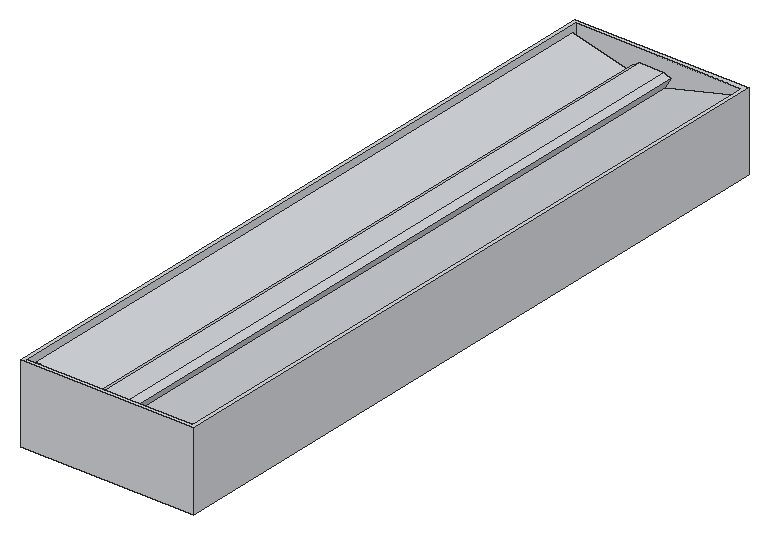
Revit family "LSER14", category Lighting Fixtures, host Face, Revit 2012
Parameters (values of type "LSER14-30HLG-C-ESD")
  Wattage Comments = ""
  Wattage = 9.2903 W
  WIDTH = 2' - 0"
  built-in parameter 1150110 = 1 (stored number, unit not read)
  Voltage = 0 V
  built-in parameter 1114217 = 1 (stored number, unit not read)
  Tilt Angle = 90.00°
  built-in parameter 1150109 = 1 (stored number, unit not read)
  built-in parameter 1150134 = 3
  built-in parameter 1150113 = 1 (stored number, unit not read)
  Product Page URL = "http://www.columbialighting.com/products/lser/"
  Product Documentation Link = "http://www.columbialighting.com/products/lser/"
  Power Factor = 1
  Photometric Web File = "itl78337.ies"
  Number of Poles = 1
  Model = "LSER14"
  Manufacturer = "COLUMBIA"
  built-in parameter 1150105 = 109.82 (stored number, unit not read)
  Lumens = 1380 lm
  built-in parameter 1150115 = 1 (stored number, unit not read)
  built-in parameter 1150137 = (empty or 0)
  built-in parameter 1150139 = (empty or 0)
  built-in parameter 1150112 = 1 (stored number, unit not read)
  built-in parameter 1150114 = 1 (stored number, unit not read)
  Lamp = "LED"
  LEGNTH = 4' - 6"
  built-in parameter 1150132 = (empty or 0)
  built-in parameter 1150102 = (empty or 0)
  built-in parameter 1150107 = 3200 (stored number, unit not read)
  built-in parameter 1150138 = (empty or 0)
  built-in parameter 1150106 = 1.0982 (stored number, unit not read)
  IES FILE LINK = "http://www.columbialighting.com/resources/photometry_search/"
  built-in parameter 1150104 = 13.8 (stored number, unit not read)
  Dimming Lamp Color Temperature Shift = <None>
  Default Elevation = 4' - 0"
  Color Filter = 16777215
  built-in parameter 1114218 = 1 (stored number, unit not read)
  built-in parameter 1150133 = 10 (stored number, unit not read)
  Apparent Load = 0 VA
Types (25): name | Photometric Web File
  (no name) | "itl78337.ies"
  LSER14-40VLG-R-ESD | "itl78348.ies"
  LSER14-40VLG-C-ESD | "itl78345.ies"
  LSER14-40MLG-R-ESD | "itl78336.ies"
  LSER14-40MLG-C-ESD | "itl78333.ies"
  LSER14-40LWG-R-ESD | "itl78330.ies"
  LSER14-40LWG-C-ESD | "itl78327.ies"
  LSER14-40HLG-R-ESD | "itl78342.ies"
  LSER14-40HLG-C-ESD | "itl78339.ies"
  LSER14-35VLG-R-ESD | "itl78347.ies"
  LSER14-35VLG-C-ESD | "itl78344.ies"
  LSER14-35MLG-R-ESD | "itl78335.ies"
  LSER14-35MLG-C-ESD | "itl78332.ies"
  LSER14-35LWG-R-ESD | "itl78329.ies"
  LSER14-35LWG-C-ESD | "itl78326.ies"
  LSER14-35HLG-R-ESD | "itl78341.ies"
  LSER14-35HLG-C-ESD | "itl78338.ies"
  LSER14-30VLG-R-ESD | "itl78346.ies"
  LSER14-30VLG-C-ESD | "itl78343.ies"
  LSER14-30MLG-R-ESD | "itl78334.ies"
  LSER14-30MLG-C-ESD | "itl78331.ies"
  LSER14-30LWG-R-ESD | "itl78328.ies"
  LSER14-30LWG-C-ESD | "itl78325.ies"
  LSER14-30HLG-R-ESD | "itl78340.ies"
  LSER14-30HLG-C-ESD | "itl78337.ies"
Reference planes (in)
  plane 1 "Center (Front/Back)": y = 0
  plane 2: z = 0
  plane 3 "Center (Left/Right)": x = 0
  plane 4: x = -5.75
  plane 5: y = 23.75
  plane 6: x = 5.75
  plane 7: y = -24
  plane 8: y = -23.75
Forms (in)
  Extrusion 1, solid
    sketch origin (0, 0, 0) x (1, 0, 0) y (0, 1, 0)
      loop
        line (-6, 24) -> (-6, -24) -> (6, -24) -> (6, 24) -> (-6, 24)
    from 0 to -5.375
  Extrusion 2, void
    sketch origin (0, 0, 0) x (1, 0, 0) y (0, 1, 0)
      loop
        line (-5.75, 23.75) -> (-5.75, -23.75) -> (5.75, -23.75) -> (5.75, 23.75) -> (-5.75, 23.75)
    from 0 to -5.125
  Extrusion 3, solid
    sketch origin (0, 0, 0) x (1, 0, 0) y (0, 0, 1)
      loop
        line (-5.47356, -0.24239) -> (-5.47356, -2.22921) -> (5.52644, -2.22921) -> (5.52644, -0.22921) -> (0.91753, -1.37834) -> (1.29253, -0.72882) -> (0.85952, -0.47882) -> (-0.85952, -0.47882) -> (-1.29253, -0.72882) -> (-0.91753, -1.37834) -> (-5.47356, -0.24239)
    from 23.26322 to -23.14554
Cuts and joins
  Extrusion 2 cuts Extrusion 1
Lines and regions (in)
  reference lines
    curve 1: line (-5.52644, 0, -0.22921) -> (-0.91753, 0, -1.37834)
    curve 2: line (-0.91753, 0, -1.37834) -> (-1.29253, 0, -0.72882)
    curve 3: line (-1.29253, 0, -0.72882) -> (-0.85952, 0, -0.47882)
    curve 4: line (-0.85952, 0, -0.47882) -> (0, 0, -0.47882)
    curve 5: line (5.52644, 0, -0.22921) -> (0.91753, 0, -1.37834)
    curve 6: line (0.91753, 0, -1.37834) -> (1.29253, 0, -0.72882)
    curve 7: line (1.29253, 0, -0.72882) -> (0.85952, 0, -0.47882)
    curve 8: line (0.85952, 0, -0.47882) -> (0, 0, -0.47882)
Dimensions and locks (in)
  aligned and locked: plane 2 to host face
  aligned and locked: level to host face
Connectors (in)
  electrical at (0, 0, 0), driven by "Number of Poles", driven by "Voltage", driven by "Apparent Load", driven by "Power Factor"
    settings: on host face, index 1, voltage 0 V, apparent load 0 VA, apparent load phase1 0 VA, apparent load phase2 0 VA, apparent load phase3 0 VA, power factor 1, load classification "Other", number of poles 1, system type 31, power factor state 1, is connector primary yes, connector utility yes, sub classification motor no, connector description "Power"
